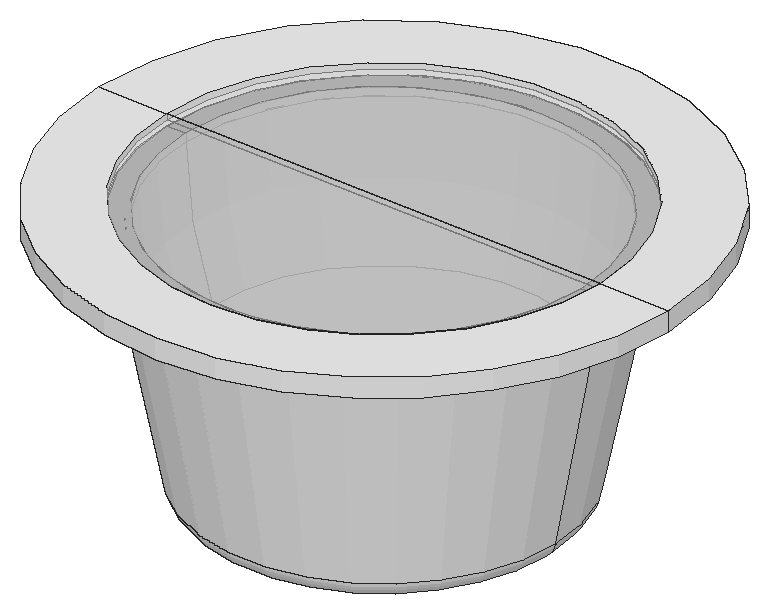
Revit family "2060546+2028034 Sylvania Lighting Fixture ASCENT 100 II ARCH 1000 4K STD EMG 160 with IP44 Clear Glass", category Lighting Fixtures, host Face, Revit 2016
Family settings
  Host = Face
  Part Type = Normal
  Round Connector Dimension = Use Diameter
  OmniClass Number = 23.80.70.11.17
  OmniClass Title = Specialized Lighting by Location or Use
  Cut with Voids When Loaded = No
  Light Source = Yes
  Shared = No
  Room Calculation Point = No
Parameters (values of type "2060546+2028034 ASCT100 II ARCH 1000 4K STD EM 160 with IP44 Clear Glass")
  WidthBezelAcc_SYL = 25.0 mm
  Weight = "1.92 kg"
  Wattage = 9 W
  WarrantyStartDate [instance] = "n/a"
  WarrantyGuarantorParts = "n/a"
  WarrantyDurationUnit = "n/a"
  WarrantyDurationParts = "n/a"
  WarrantyDescription = "n/a"
  built-in parameter 1150110 = 1 (stored number, unit not read)
  Voltage = 0 V
  VisibilityAccessory_SYL = yes
  TypeName = "ASCENT 100 II ARCH 1000 4K STD EMG 160"
  built-in parameter 1114217 = 1 (stored number, unit not read)
  Tilt Angle = -90°
  built-in parameter 1150109 = 1 (stored number, unit not read)
  built-in parameter 1150134 = 12
  built-in parameter 1150113 = 1 (stored number, unit not read)
  SerialNumber [instance] = "n/a"
  ReflectorRadius_SYL = Radius_SYL - 14.5 mm  # 80.0 mm
  RadiusAcc_SYL = 105.0 mm
  Radius_SYL = 94.5 mm
  URL = "http://www.sylvania-lighting.com"
  PowerFactor = 0
  PowerConsumption = "9 W"
  Photometric Web File = "2060546.ies"
  NominalWidth = 0.0 mm
  NominalLength = 0.0 mm
  NominalHeight = 94.0 mm
  Name = "ASCENT 100 II ARCH 1000 4K STD EMG 160"
  ModelReference = "ASCENT 100 II ARCH 1000 4K STD EMG 160"
  ModelNumber = "2060546+2028034"
  Material_4_SYL = none
  Material_3_SYL = Polycarbonate_Sylvania_Ascent_Clear
  Material_2_SYL = Aluminium_Sylvania_Ascent_Silver
  Material_1_SYL = Aluminum_Sylvania_Ascent_White
  Material = "aluminium housing, arcylic diffuser"
  ManufacturerName = "Feilo Sylvania"
  LuminousEfficacy = "112 lm/W"
  built-in parameter 1150105 = 80.214 (stored number, unit not read)
  Lumens = 1008 lm
  LuminaireType = ""
  built-in parameter 1150115 = 1 (stored number, unit not read)
  LightOutputRatio = "100"
  built-in parameter 1150137 = (empty or 0)
  built-in parameter 1150139 = (empty or 0)
  LampsType = Lamp  # "LED"
  LampNominalLuminous = "1009 lm"
  LampMacAdamStep = "3"
  LampColourTemperature = "4000 K"
  LampColourRenderingIndex = "80"
  built-in parameter 1150112 = 1 (stored number, unit not read)
  built-in parameter 1150114 = 1 (stored number, unit not read)
  Keynote = "16500"
  InstallationDate [instance] = "n/a"
  InputVoltage = "n/a"
  InputNominalFrequency = "n/a"
  built-in parameter 1150132 = (empty or 0)
  built-in parameter 1150102 = (empty or 0)
  built-in parameter 1150107 = 4000 (stored number, unit not read)
  built-in parameter 1150138 = (empty or 0)
  IngressProtection = "IP44"
  ImpactProtectionIndex = "IK02"
  built-in parameter 1150106 = 0.80214 (stored number, unit not read)
  IfcExportType = "IfcLightFixtureType"
  IfcExportAs = "IfcLightFixtureType"
  Height_SYL = 94.0 mm
  HeightAcc_SYL = 7.0 mm
  ExpectedLife = 50000
  EmittionSurface_SYL = if(VisibilityAccessory_SYL, 7.0 mm, 3.0 mm)  # 7.0 mm
  Emit from Circle Diameter = DiffuserRadius_SYL * 2  # 146.0 mm
  Emit Shape Visible in Rendering = no
  ElectricShockClassification = "Class II"
  built-in parameter 1150104 = 10.405 (stored number, unit not read)
  DurationUnit = "hours"
  DocumentationLiterature = "http://www.sylvania-lighting.com/product/en-int/products/2060546"
  DimmingControlOptions = "n/a"
  Dimming Lamp Color Temperature Shift = <None>
  DiffuserRadius_SYL = ReflectorRadius_SYL - 7.0 mm  # 73.0 mm
  Diameter_SYL = 2 * Radius_SYL  # 189.0 mm
  CutoutDiameter_SYL = Diameter_SYL - 13.0 mm  # 176.0 mm
  CreatedOn = "9/17/2018"
  CreatedBy = "@sylvania-lighting.com"
  Color Filter = 16777215
  built-in parameter 1114216 [instance] = 1 (stored number, unit not read)
  Model = "ASCENT 100 II ARCH 1000 4K STD EMG 160"
  Manufacturer = "Feilo Sylvania"
  Lamp = "LED"
  Description = "Direct LED retro fit for original LED 100 Arch (160) single CFL lamp offering Matching lumen levels and improved light distribution of original LED 100 CFL lamp equivalents Typically half the power consumption compared to CFL Up to 112lm/W 160mm aperture Architectural reflector accepts range of glass accessories from existing LED 100 Arch 160 offering HE, HO and VHO versions equivalent of single 1 x 18W, 1 x 32W, 1 x 42W\r\n Additional VVHO versions which offer the performance circa 2 x 32W equivalent"  # constant formula
  Default Elevation = 0.0 mm
  built-in parameter 1140040 [instance] = 1
  BarCode [instance] = "n/a"
  built-in parameter 1114218 = 1 (stored number, unit not read)
  built-in parameter 1150133 = 10 (stored number, unit not read)
  AssetType = "Fixed"
  AssetIdentifier [instance] = "n/a"
  Assembly Code = "D5020200"
  Apparent Load = 9 VA
  Aperture_SYL = 2 * ReflectorRadius_SYL  # 160.0 mm
Types (2, lengths in mm): name | Wattage | TypeName | Photometric Web File | Name | ModelReference | built-in parameter 1150105 | Lumens | built-in parameter 1150106 | Model | Apparent Load
  2060546+2028034 ASCT100 II ARCH 1000 4K STD EM 160 with IP44 Clear Glass | 9 W | "ASCENT 100 II ARCH 1000 4K STD EMG 160" | "2060546.ies" | "ASCENT 100 II ARCH 1000 4K STD EMG 160" | "ASCENT 100 II ARCH 1000 4K STD EMG 160" | 80.214 (stored number, unit not read) | 1008 lm | 0.80214 (stored number, unit not read) | "ASCENT 100 II ARCH 1000 4K STD EMG 160" | 9 VA
  2060546+2028034 ASCT100 II ARCH 1000 4K STD EM 160 with IP44 Clear Glass Emergency mode | 1.69643 W | "ASCT100 II ARCH 1000 4K STD EM 160 with IP44 Clear Glass Emergency mode" | "2060546EM.ies" | "ASCT100 II ARCH 1000 4K STD EM 160 with IP44 Clear Glass Emergency mode" | "ASCT100 II ARCH 1000 4K STD EM 160 with IP44 Clear Glass Emergency mode" | 15.12 (stored number, unit not read) | 190 lm | 0.1512 (stored number, unit not read) | "ASCT100 II ARCH 1000 4K STD EM 160 with IP44 Clear Glass Emergency mode" | 1.69643 VA
Reference planes
  plane 1 "Center (Front/Back)": y = 0
  plane 2: z = 0
  plane 3 "Center (Left/Right)": x = 0
  plane 4 "Fixture Bottom": z = 3
  plane 5: z = -52.5
  plane 6 "Fixture Top": z = -91
  plane 7: x = -105
  plane 8: z = 7
  plane 9: x = -80
  plane 10: z = 5
  plane 11: x = -103
Forms (mm)
  Extrusion 1, solid, material "Aluminum_Sylvania_Ascent_White", detail levels fine
    sketch origin (0, 0, 0) x (1, 0, 0) y (0, 1, 0)
      loop
        circle (0, 0) r 94.5
      loop
        circle (0, 0) r 80
    from 0 to 3
  Extrusion 2, void
    sketch origin (0, 0, 0) x (1, 0, 0) y (0, 1, 0)
      loop
        circle (0, 0) r 88
    from -91 to 3
  Revolve 3, solid, material "Aluminum_Sylvania_Ascent_White" <- "Material_1_SYL", detail levels fine
    sketch origin (0, 0, 0) x (1, 0, 0) y (0, 0, 1)
      loop
        line (0, -91.073) -> (0, -89.023) -> (-55.468, -89.014)
        arc (-55.468, -89.014) -> (-59.352, -87.613) -> (-61.54, -84.139) r 6.307
        line (-61.54, -84.139) -> (-77.991, -2.844) -> (-77.991, 0) -> (-80, 0) -> (-80, -3) -> (-63.5, -84.536)
        arc (-63.5, -84.536) -> (-60.643, -89.203) -> (-55.5, -91.073) r 8.291
        line (-55.5, -91.073) -> (0, -91.073)
      axis (0, 0) -> (0, -91.073)
    angle from 0 to 360
  Revolve 4, solid, material "Aluminium_Sylvania_Ascent_Silver" <- "Material_2_SYL", detail levels fine
    sketch origin (0, 0, 0) x (1, 0, 0) y (0, 0, 1)
      loop
        line (-80, 3) -> (-80, 0) -> (-75, 0)
        arc (-75, 0) -> (-72.349, -26.77) -> (-64.5, -52.5) r 136.5
        line (-64.5, -52.5) -> (-58, -52.5)
        arc (-58, -52.5) -> (-56.857, -61.521) -> (-53.5, -69.971) r 36.166
        line (-53.5, -69.971) -> (0, -69.971) -> (0, -50.5) -> (-63.16, -50.5)
        arc (-63.16, -50.5) -> (-70.517, -25.725) -> (-73, 0) r 134.5
        line (-73, 0) -> (-73, 3) -> (-80, 3)
      axis (0, 3) -> (0, -69.971)
    angle from 0 to 360
  Extrusion 5, solid, material "Polycarbonate_Sylvania_Ascent_Clear" <- "Material_3_SYL", detail levels fine
    sketch origin (0, 0, 0) x (1, 0, 0) y (0, 1, 0)
      loop
        circle (0, 0) r 73
    from 0 to 3
  Revolve 6, solid, material "Aluminum_Sylvania_Ascent_White" <- "Material_1_SYL", detail levels coarse+medium
    sketch origin (0, 0, 0) x (1, 0, 0) y (0, 0, 1)
      loop
        line (0, -91.073) -> (0, 3) -> (-94.5, 3) -> (-94.5, 0) -> (-79.5, 0) -> (-79.5, -3) -> (-63, -84.536)
        arc (-63, -84.536) -> (-60.143, -89.203) -> (-55, -91.073) r 8.291
        line (-55, -91.073) -> (0, -91.073)
      axis (0, 3) -> (0, -91.073)
    angle from 0 to 360
  Revolve 7, solid, material "Aluminum_Sylvania_Ascent_White" <- "Material_1_SYL", visible <- "VisibilityAccessory_SYL"
    sketch origin (0, 0, 0) x (1, 0, 0) y (0, 0, 1)
      loop
        line (-105, 0) -> (-103, 0) -> (-103, 5) -> (-80, 5) -> (-80, 7) -> (-105, 7) -> (-105, 0)
      axis (0, 7) -> (0, 0)
    angle from 0 to 360
  Revolve 8, solid, material "Polycarbonate_Sylvania_Ascent_Clear" <- "Material_3_SYL", visible <- "VisibilityAccessory_SYL"
    sketch origin (0, 0, 0) x (1, 0, 0) y (0, 0, 1)
      loop
        line (-80, 7) -> (-80, 5) -> (0, 5) -> (0, 7) -> (-80, 7)
      axis (0, 7) -> (0, 5)
    angle from 0 to 360
Lines and regions (mm)
  reference lines
    curve 1: line (-150, 0, 7) -> (125, 0, 7)
Dimensions and locks
  locked: plane 4 "Fixture Bottom" to plane 2 at 3
  "Height_SYL": plane 4 "Fixture Bottom" to plane 6 "Fixture Top"
  "ReflectorRadius_SYL": plane 3 "Center (Left/Right)" to Revolve 4 sketch curve
  locked: Revolve 4 sketch curve to Revolve 4 sketch curve at 15.5
  locked: Revolve 4 sketch curve to Revolve 4 sketch curve at 5
  locked: Revolve 4 sketch curve to Revolve 4 sketch curve at 7
  locked: Revolve 4 sketch curve to Revolve 4 sketch curve at 22
  locked: Revolve 4 sketch curve to Revolve 4 sketch curve at 26.5
  locked: Revolve 3 sketch curve to Revolve 3 sketch curve at 16.5
  locked: Revolve 3 sketch curve to Revolve 3 sketch curve at 24.5
  "ReflectorRadius_SYL": Revolve 3 sketch curve to plane 3 "Center (Left/Right)"
  locked: Revolve 3 sketch curve to plane 6 "Fixture Top" at 6.464
  locked: plane 2 to Revolve 3 sketch curve at 3
  locked: Revolve 3 sketch curve to Revolve 3 sketch curve at 2
  locked: Revolve 3 sketch curve to Revolve 3 sketch curve at 2.009
  locked: plane 2 to plane 5 at 52.5
  locked: Revolve 6 sketch curve to Revolve 6 sketch curve at 31.5
  locked: Revolve 6 sketch curve to Revolve 6 sketch curve at 39.5
  locked: Revolve 6 sketch curve to Revolve 6 sketch curve at 15
  "Radius_SYL": plane 3 "Center (Left/Right)" to Revolve 6 sketch curve
  "RadiusAcc_SYL": plane 3 "Center (Left/Right)" to plane 7
  "HeightAcc_SYL": plane 8 to level
  "WidthBezelAcc_SYL": plane 7 to plane 9
  locked: plane 7 to plane 11 at 2
  locked: plane 8 to plane 10 at 2
  "EmittionSurface_SYL": curve 1 to level
  "CutoutDiameter_SYL": diameter of Extrusion 2 sketch curve
  "ReflectorRadius_SYL": radius of Extrusion 1 sketch curve
  "DiffuserRadius_SYL": radius of Extrusion 5 sketch curve
  "Radius_SYL": radius of Extrusion 1 sketch curve
  aligned and locked: host face to plane 2
  aligned and locked: host face to level
  aligned and locked: plane 4 "Fixture Bottom" to Extrusion 1
  aligned and locked: Extrusion 1 to plane 2
  aligned and locked: Revolve 3 sketch curve to plane 3 "Center (Left/Right)"
  aligned and locked: Revolve 4 sketch curve to plane 3 "Center (Left/Right)"  (x2)
  aligned and locked: plane 4 "Fixture Bottom" to Revolve 4 sketch curve
  aligned and locked: Extrusion 5 to plane 2
  aligned and locked: plane 2 to Revolve 3 sketch curve  (x2)
  aligned and locked: Revolve 6 sketch curve to plane 3 "Center (Left/Right)"
  aligned and locked: plane 6 "Fixture Top" to Extrusion 2
  aligned and locked: Revolve 7 sketch curve to plane 3 "Center (Left/Right)"
  aligned and locked: host face to Revolve 7 sketch curve  (x2)
  aligned and locked: Revolve 7 sketch curve to plane 7
  aligned and locked: plane 8 to Revolve 7 sketch curve
  aligned and locked: plane 9 to Revolve 7 sketch curve
  aligned and locked: Revolve 7 sketch curve to plane 10
  aligned and locked: plane 11 to Revolve 7 sketch curve
  aligned and locked: Revolve 7 to Revolve 8 sketch curve
  aligned and locked: Revolve 8 sketch curve to Revolve 7  (x2)
  aligned and locked: Revolve 8 sketch curve to plane 3 "Center (Left/Right)"  (x2)
  aligned and locked: plane 3 "Center (Left/Right)" to imposter light
  aligned and locked: imposter light to plane 1 "Center (Front/Back)"
  aligned and locked: imposter light to curve 1
Automatic sketch dimensions
  plane 1 "Center (Front/Back)" to Extrusion 2 sketch curve = 0.0 mm
  Extrusion 2 sketch curve to plane 3 "Center (Left/Right)" = 0.0 mm
  Extrusion 1 sketch curve to Extrusion 1 sketch curve = 0.0 mm  (x2)
  plane 1 "Center (Front/Back)" to Extrusion 1 sketch curve = 0.0 mm
  Extrusion 1 sketch curve to plane 3 "Center (Left/Right)" = 0.0 mm
  plane 6 "Fixture Top" to Revolve 3 sketch curve = 0.073 mm
  Revolve 3 sketch curve to plane 6 "Fixture Top" = 6.861 mm
  Revolve 3 sketch curve to Revolve 3 sketch curve = 0.003 mm
  Revolve 3 sketch curve to Revolve 3 sketch curve = 0.009 mm  (x2)
  Revolve 3 sketch curve to Revolve 3 sketch curve = 0.023 mm
  Revolve 3 sketch curve to Revolve 3 sketch curve = 0.072 mm
  Revolve 3 sketch curve to Revolve 3 sketch curve = 0.008 mm
  Revolve 3 sketch curve to plane 6 "Fixture Top" = 1.977 mm
  Revolve 3 sketch curve to Revolve 3 sketch curve = 33.496 mm
  Revolve 3 sketch curve to Revolve 3 sketch curve = 0.028 mm
  plane 4 "Fixture Bottom" to Revolve 3 sketch curve = 82.431 mm
  Revolve 4 sketch curve to Revolve 4 sketch curve = 0.0 mm  (x2)
  Revolve 4 sketch curve to plane 5 = 0.0 mm
  Revolve 4 sketch curve to level = 0.0 mm
  plane 5 to Revolve 4 sketch curve = 2.0 mm
  plane 4 "Fixture Bottom" to Revolve 4 sketch curve = 9.642 mm
  plane 1 "Center (Front/Back)" to Extrusion 5 sketch curve = 0.0 mm
  Extrusion 5 sketch curve to plane 3 "Center (Left/Right)" = 0.0 mm
  Revolve 4 sketch curve to level = 69.971 mm
  Revolve 4 sketch curve to Revolve 4 sketch curve = 2.387 mm
  Revolve 6 sketch curve to level = 0.0 mm
  Revolve 6 sketch curve to plane 3 "Center (Left/Right)" = 0.0 mm
  Revolve 6 sketch curve to Revolve 6 sketch curve = 8.104 mm
  Revolve 6 sketch curve to level = 3.0 mm
  Revolve 6 sketch curve to plane 6 "Fixture Top" = 6.464 mm
  plane 6 "Fixture Top" to Revolve 6 sketch curve = 0.073 mm
  Revolve 6 sketch curve to Revolve 6 sketch curve = 33.496 mm
  plane 4 "Fixture Bottom" to Revolve 6 sketch curve = 82.431 mm
  host sketch curve to host sketch curve = 1704.996 mm
  host sketch curve to host sketch curve = 1500.0 mm
  plane 6 "Fixture Top" to Revolve 7 sketch curve = 281.274 mm
  Revolve 7 sketch curve to plane 8 = 1140.706 mm
  plane 6 "Fixture Top" to Revolve 8 sketch curve = 281.274 mm
  Revolve 8 sketch curve to Revolve 8 sketch curve = 1140.706 mm
  Revolve 3 sketch curve to plane 3 "Center (Left/Right)" = 0.0 mm
  Revolve 6 sketch curve to plane 4 "Fixture Bottom" = 0.0 mm
  plane 7 to curve 1 = 45.0 mm
  plane 3 "Center (Left/Right)" to curve 1 = 125.0 mm
Connectors
  electrical at (0, 0, -91.073), driven by "Apparent Load"
    settings: on Revolve 3, index 1, voltage 240 V, apparent load 0 VA, apparent load phase1 9 VA, apparent load phase2 0 VA, apparent load phase3 0 VA, power factor 1, load classification "Lighting", number of poles 1, system type 31, power factor state 1, is connector primary yes, connector utility no, sub classification motor no, connector description ""
